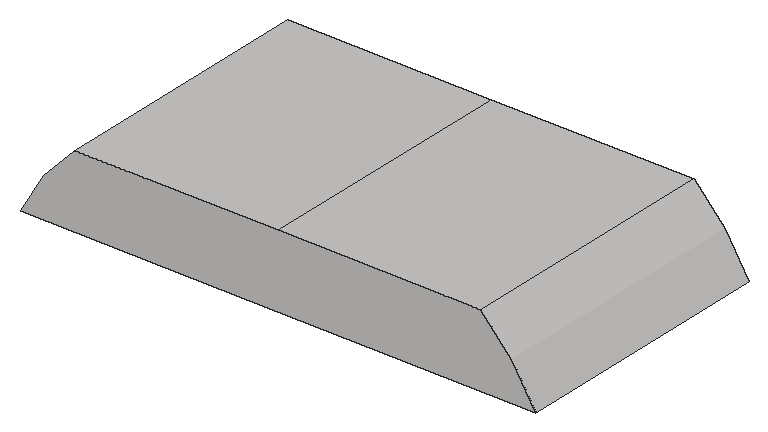
Revit family "Lighting-Driver-Acclaim-XTR 4000.", category Lighting Fixtures, host Face, Revit 2020
Family settings
  Host = Face
  Round Connector Dimension = Use Diameter
  Part Type = Normal
  Cut with Voids When Loaded = No
  Light Source = No
  Shared = No
  Room Calculation Point = No
Parameters
  Width = 12.20"
  Voltage = 0 V
  URL = "http://www.acclaimlighting.com/"
  Power Factor = 1
  Number of Poles = 1
  Model = "XTR Driver 4000"
  Manufacturer = "Acclaim Lighting"
  Length = 23.62"
  Lamp = "LED"
  Housing Finish = Aluminum
  Height = 3.35"
  Description = "Driver"
  Default Elevation = 48.00"
  Apparent Load = 0 VA
Reference planes (in)
  plane 1 "Center (Front/Back)": y = 0
  plane 2: z = 0
  plane 3 "Center (Left/Right)": x = 0
  plane 4: x = -11.81
  plane 5: x = 11.81
  plane 6: x = -2.86874
  plane 7: x = -2.08749
  plane 8: x = 2.06876
  plane 9: x = 2.85001
  plane 10: y = 6.1
  plane 11: y = -6.1
  plane 12: z = 3.35
  plane 13: z = 3.35
Forms (in)
  Extrusion 1, solid, material "Housing"
    sketch origin (0, -0.15587, 0) x (-1, 0, 0) y (0, 0, 1)
      loop
        arc (11.81, 0) -> (10.73106, 1.80265) -> (9.31, 3.35) r 10.33952
        line (9.31, 3.35) -> (0, 3.35) -> (-9.31, 3.35)
        arc (-9.31, 3.35) -> (-10.73106, 1.80265) -> (-11.81, 0) r 10.33952
        line (-11.81, 0) -> (0, 0) -> (11.81, 0)
    from -5.94413 to 6.25587
Dimensions and locks (in)
  equal spacing: plane 5, plane 3 "Center (Left/Right)", plane 4
  "Length": plane 5 to plane 4
  equal spacing: plane 10, plane 1 "Center (Front/Back)", plane 11
  "Width": plane 10 to plane 11
  plane 11 to plane 10 = 12.20"
  "Height": plane 13 to host face
  aligned and locked: plane 2 to host face
  aligned and locked: level to host face
  aligned and locked: Extrusion 1 to plane 10
  aligned and locked: plane 11 to Extrusion 1
Automatic sketch dimensions
  host sketch curve to host sketch curve = 96.00"  (x2)
  Extrusion 1 sketch curve to level = 0.00"
  Extrusion 1 sketch curve to plane 5 = 0.00"
  Extrusion 1 sketch curve to plane 12 = 0.00"
  Extrusion 1 sketch curve to plane 3 "Center (Left/Right)" = 0.00"  (x2)
  Extrusion 1 sketch curve to plane 4 = 0.00"
  Extrusion 1 sketch curve to Extrusion 1 sketch curve = 2.50"  (x2)
  plane 8 to Extrusion 1 sketch curve = 0.37587"
  Extrusion 1 sketch curve to plane 7 = 0.35713"
Connectors (in)
  electrical at (0, -6.1, 1.675), driven by "Number of Poles", driven by "Voltage", driven by "Apparent Load", driven by "Power Factor"
    settings: on Extrusion 1, index 1, voltage 0 V, apparent load 0 VA, apparent load phase1 0 VA, apparent load phase2 0 VA, apparent load phase3 0 VA, power factor 1, load classification "Other", number of poles 1, system type 31, power factor state 1, is connector primary yes, connector utility no, sub classification motor no, connector description "Power"
